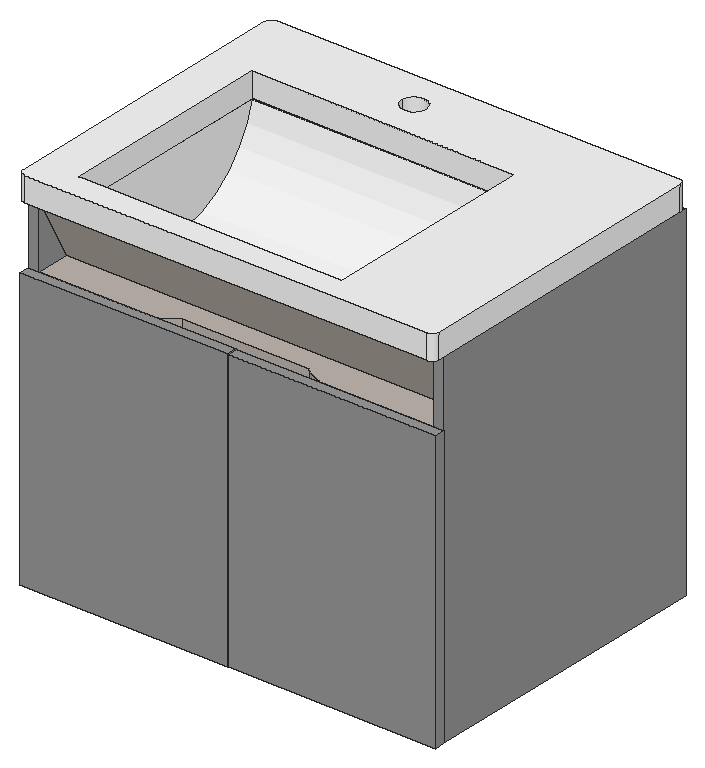
Revit family "135106851_Mueble Pontus Vital 60 cm con Lavamanos", category Furniture, Revit 2019
Family settings
  OmniClass Number = 23.31.13.11
  OmniClass Title = Single Sinks
  Work Plane-Based = No
  Always vertical = Yes
  Cut with Voids When Loaded = No
  Shared = No
  Room Calculation Point = No
Parameters
  URL = "https://corona.co/productos/muebles-para-banos/mueble-pontus-vital/p/135106851"
  Resistencia al rayado = "700 ciclos"  # constant formula
  Resistencia a la humedad = "8%."  # constant formula
  Peso Neto aprox = "24,0 lb (10,9 kg)."  # constant formula
  Peso Bruto aprox = "25,6 lb (11,6 kg)."  # constant formula
  Model = "Pontus Vital 60"  # constant formula
  Material = Corona_Madera_Coñac
  Manufacturer = "Corona"  # constant formula
  Longitud = 450 mm
  Garantía Herraje = "1 Años"  # constant formula
  Garantía = "5 Años  (Madera)"  # constant formula
  Fecha de creación = "30/07/2020"  # constant formula
  Description = "Línea de Muebles Pontus Vital diseño compacto que se adapta a la gran mayoría de\r\nespacios disponibles.\r\n· Diseño de apertura cómodo.\r\n· Máxima capacidad de almacenamiento.\r\n· Lavamanos 100% en porcelana con superficie amplia de apoyo.\r\n· Resistentes a la humedad."  # constant formula
  Creado por = "IDD"  # constant formula
  Ancho = 600 mm
  Alto = 764 mm
  Acabado = Corona_Plastico_Taupe
Reference planes
  plane 1 "Center (Front/Back)": y = 0
  plane 2: z = 0
  plane 3 "Center (Left/Right)": x = 0
  plane 4 "Center L/S": x = 300
  plane 5 "Center L/T": x = -300
  plane 6 "Center L/U": y = -450
  plane 7 "Center L/V": x = -285
  plane 8 "Center L/W": x = 285
  plane 9 "Center L/Z": y = -435
  plane 10 "Center L/BB": y = -15
  plane 11 "Center L/CC": y = -225
  plane 12: z = 764
  plane 13: z = 279
  plane 14: z = 749
  plane 15: z = 264
  plane 16: z = 524
  plane 17: z = 424
  plane 18: z = 668
  plane 19 "Center L/DD": x = 1
  plane 20 "Center L/EE": x = -1
  plane 21: z = 653
Forms (mm)
  Extrusion 1, solid, not visible
    sketch origin (0, 0, -26) x (1, 0, 0) y (0, 0, 1)
      loop
        circle (-87.767, 550) r 10
    from 0 to 1
  Extrusion 2, solid, not visible
    sketch origin (0, 0, -26) x (-1, 0, 0) y (0, 0, -1)
      loop
        circle (-198.767, -550) r 10
    from 0 to 1
  Extrusion 3, solid, not visible
    sketch origin (-87.767, 0, -126) x (-1, 0, 0) y (0, 0, -1)
      loop
        circle (-87.767, -550) r 10
    from 0 to 1
  Extrusion 4, solid, material "Corona_Madera_Coñac" <- "Material", detail levels medium+fine
    sketch origin (0, 0, 0) x (1, 0, 0) y (0, 1, 0)
      loop
        line (-300, 0) -> (-300, -435) -> (-285, -435) -> (-285, 0) -> (-300, 0)
    from 264 to 764
  Extrusion 5, solid, material "Corona_Madera_Coñac" <- "Material", detail levels medium+fine
    sketch origin (0, 0, 0) x (-1, 0, 0) y (0, -1, 0)
      loop
        line (-300, 0) -> (-285, 0) -> (-285, 435) -> (-300, 435) -> (-300, 0)
    from 264 to 764
  Extrusion 6, solid, material "Corona_Madera_Coñac" <- "Material", detail levels medium+fine
    sketch origin (0, 0, 0) x (1, 0, 0) y (0, 1, 0)
      loop
        line (-285, 0) -> (-285, -15) -> (285, -15) -> (285, 0) -> (-285, 0)
    from 264 to 764
  Extrusion 7, solid, material "Corona_Madera_Coñac" <- "Material", detail levels medium+fine
    sketch origin (0, -265, 0) x (1, 0, 0) y (0, 0, 1)
      loop
        line (-300, 264) -> (-1, 264) -> (-1, 668) -> (-300, 668) -> (-300, 264)
      loop
        line (1, 668) -> (1, 264) -> (300, 264) -> (300, 668) -> (1, 668)
    from 170 to 185
  Extrusion 8, solid, material "Corona_Madera_Coñac" <- "Material", detail levels medium+fine
    sketch origin (0, 0, 0) x (1, 0, 0) y (0, 1, 0)
      loop
        line (-285, -15) -> (-285, -435) -> (285, -435) -> (285, -15) -> (-285, -15)
    from 264 to 279
  Extrusion 9, solid, material "Corona_Plastico_Taupe" <- "Acabado", detail levels medium+fine
    sketch origin (0, 0, 0) x (1, 0, 0) y (0, 1, 0)
      loop
        line (-285, -435) -> (-123.026, -435)
        arc (-123.026, -435) -> (-105.878, -430.24) -> (-91.569, -419.657) r 48.897
        line (-91.569, -419.657) -> (91.569, -419.657)
        arc (91.569, -419.657) -> (105.878, -430.24) -> (123.026, -435) r 48.897
        line (123.026, -435) -> (285, -435) -> (285, -360) -> (-285, -360) -> (-285, -435)
    from 653 to 668
  Extrusion 10, solid, material "Corona_Plastico_Taupe" <- "Acabado", detail levels medium+fine
    sketch origin (0, 0, 0) x (0, 1, 0) y (0, 0, 1)
      loop
        line (-380.072, 668) -> (-431.116, 764) -> (-437.22, 764) -> (-386.176, 668) -> (-380.072, 668)
    from -285 to 285
  Extrusion 11, solid, material "Corona_Madera_Coñac" <- "Material", detail levels coarse
    sketch origin (0, 0, 0) x (1, 0, 0) y (0, 1, 0)
      loop
        line (-300, 0) -> (-300, -450) -> (300, -450) -> (300, 0) -> (-300, 0)
    from 264 to 764
  Extrusion 12, solid, material "Corona_Porcelana_Sanitaria_Blanco", detail levels coarse
    sketch origin (0, 0, 0) x (1, 0, 0) y (0, 1, 0)
      loop
        line (-300, 0) -> (-300, -450) -> (300, -450) -> (300, 0) -> (-300, 0)
    from 764 to 799
Dimensions and locks
  equal spacing: plane 5 "Center L/T", plane 3 "Center (Left/Right)", plane 4 "Center L/S"
  "Ancho": plane 5 "Center L/T" to plane 4 "Center L/S"
  "Longitud": plane 6 "Center L/U" to plane 1 "Center (Front/Back)"
  plane 14 to plane 13 = 470 mm
  plane 12 to plane 15 = 500 mm
  locked: plane 13 to plane 15 at 15
  locked: plane 12 to plane 14 at 15
  plane 18 to plane 15 = 404 mm
  "Alto": plane 12 to level
  aligned and locked: level to plane 2
  aligned and locked: Extrusion 4 sketch curve to plane 7 "Center L/V"
  aligned and locked: Extrusion 4 sketch curve to plane 9 "Center L/Z"
  aligned and locked: plane 5 "Center L/T" to Extrusion 4 sketch curve
  aligned and locked: plane 1 "Center (Front/Back)" to Extrusion 4 sketch curve
  aligned and locked: plane 9 "Center L/Z" to Extrusion 5
  aligned and locked: plane 4 "Center L/S" to Extrusion 5
  aligned and locked: Extrusion 5 to plane 8 "Center L/W"
  aligned and locked: Extrusion 5 to plane 1 "Center (Front/Back)"
  aligned and locked: Extrusion 6 sketch curve to plane 8 "Center L/W"
  aligned and locked: plane 1 "Center (Front/Back)" to Extrusion 6 sketch curve
  aligned and locked: Extrusion 6 sketch curve to plane 10 "Center L/BB"
  aligned and locked: plane 7 "Center L/V" to Extrusion 6 sketch curve
  aligned and locked: plane 12 to Extrusion 6
  aligned and locked: Extrusion 6 to plane 15
  aligned and locked: plane 12 to Extrusion 5
  aligned and locked: Extrusion 5 to plane 15
  aligned and locked: plane 12 to Extrusion 4
  aligned and locked: Extrusion 4 to plane 15
  aligned and locked: plane 6 "Center L/U" to Extrusion 7
  aligned and locked: Extrusion 7 to plane 9 "Center L/Z"
  aligned and locked: Extrusion 8 sketch curve to plane 8 "Center L/W"
  aligned and locked: plane 10 "Center L/BB" to Extrusion 8 sketch curve
  aligned and locked: plane 7 "Center L/V" to Extrusion 8 sketch curve
  aligned and locked: Extrusion 8 sketch curve to plane 9 "Center L/Z"
  aligned and locked: plane 13 to Extrusion 8
  aligned and locked: Extrusion 8 to plane 15
  aligned and locked: plane 8 "Center L/W" to Extrusion 9 sketch curve
  aligned and locked: Extrusion 9 sketch curve to plane 7 "Center L/V"
  aligned and locked: plane 9 "Center L/Z" to Extrusion 9 sketch curve
  aligned and locked: plane 18 to Extrusion 9
  aligned and locked: plane 8 "Center L/W" to Extrusion 10
  aligned and locked: Extrusion 10 to plane 7 "Center L/V"
  aligned and locked: nested 1 to plane 12
  aligned and locked: plane 1 "Center (Front/Back)" to nested 1
  aligned and locked: Extrusion 9 to plane 21
  aligned and locked: Extrusion 11 sketch curve to plane 6 "Center L/U"
  aligned and locked: plane 5 "Center L/T" to Extrusion 11 sketch curve
  aligned and locked: plane 1 "Center (Front/Back)" to Extrusion 11 sketch curve
  aligned and locked: Extrusion 11 sketch curve to plane 4 "Center L/S"
  aligned and locked: plane 12 to Extrusion 11
  aligned and locked: Extrusion 11 to plane 15
  aligned and locked: Extrusion 12 to nested 1
  aligned and locked: Extrusion 12 to plane 12
  aligned and locked: plane 3 "Center (Left/Right)" to nested 2
  aligned and locked: plane 1 "Center (Front/Back)" to nested 2
  aligned and locked: plane 3 "Center (Left/Right)" to nested 3
  aligned and locked: nested 3 to plane 12
  aligned and locked: nested 4 to plane 11 "Center L/CC"
  aligned and locked: nested 4 to plane 12
Automatic sketch dimensions
  Extrusion 1 sketch curve to plane 16 = 0 mm
  Extrusion 1 sketch curve to plane 20 "Center L/EE" = 86.767 mm
  Extrusion 3 sketch curve to plane 3 "Center (Left/Right)" = 0 mm
  Extrusion 3 sketch curve to plane 17 = 0 mm
  Extrusion 2 sketch curve to plane 16 = 0 mm
  plane 8 "Center L/W" to Extrusion 2 sketch curve = 86.233 mm
  Extrusion 5 sketch curve to plane 4 "Center L/S" = 0 mm
  Extrusion 5 sketch curve to plane 8 "Center L/W" = 0 mm
  plane 9 "Center L/Z" to Extrusion 5 sketch curve = 0 mm
  plane 1 "Center (Front/Back)" to Extrusion 5 sketch curve = 0 mm
  Extrusion 7 sketch curve to plane 5 "Center L/T" = 0 mm
  Extrusion 7 sketch curve to plane 18 = 0 mm  (x2)
  Extrusion 7 sketch curve to plane 20 "Center L/EE" = 0 mm
  Extrusion 7 sketch curve to plane 19 "Center L/DD" = 0 mm
  Extrusion 7 sketch curve to plane 4 "Center L/S" = 0 mm
  Extrusion 7 sketch curve to plane 15 = 0 mm  (x2)
  plane 9 "Center L/Z" to Extrusion 9 sketch curve = 0 mm
  Extrusion 9 sketch curve to plane 9 "Center L/Z" = 48.709 mm  (x2)
  Extrusion 9 sketch curve to plane 20 "Center L/EE" = 126.313 mm
  Extrusion 9 sketch curve to Extrusion 9 sketch curve = 4.286 mm
  Extrusion 9 sketch curve to plane 9 "Center L/Z" = 15.343 mm
  plane 19 "Center L/DD" to Extrusion 9 sketch curve = 90.569 mm
  Extrusion 9 sketch curve to Extrusion 9 sketch curve = 31.458 mm
  Extrusion 9 sketch curve to plane 9 "Center L/Z" = 75 mm
  Extrusion 10 sketch curve to plane 12 = 0 mm
  Extrusion 10 sketch curve to plane 18 = 0 mm
  Extrusion 10 sketch curve to plane 9 "Center L/Z" = 48.824 mm
  Extrusion 10 sketch curve to Extrusion 10 sketch curve = 6.104 mm
  Extrusion 10 sketch curve to plane 9 "Center L/Z" = 3.884 mm
  plane 9 "Center L/Z" to Extrusion 10 sketch curve = 2.22 mm
  Extrusion 12 sketch curve to plane 5 "Center L/T" = 0 mm
  Extrusion 12 sketch curve to plane 4 "Center L/S" = 0 mm
  plane 6 "Center L/U" to Extrusion 12 sketch curve = 0 mm
  plane 1 "Center (Front/Back)" to Extrusion 12 sketch curve = 0 mm
  radius of Extrusion 1 sketch curve = 10 mm
  radius of Extrusion 3 sketch curve = 10 mm
  radius of Extrusion 2 sketch curve = 10 mm
Nested families
  nested 1: "Lavamanos pontus 60" at (101, 0, 799), type "Lavamanos pontus 60", detail levels medium+fine
  nested 2: "Planta3" at (0, 0, 0), type "Planta3"
  nested 3: "Front3" at (0, 0, 764) x (1, 0, 0) z (0, -1, 0), type "Front3"
  nested 4: "Rigth3" at (0, -225, 764) x (0, 1, 0) z (1, 0, 0), type "Rigth3"
Connectors
  piping at (198.767, 0, 524), diameter 12.7
    settings: on Extrusion 2, index 5, connector inside diameter 609.6 mm, connector length 0 mm, flow factor 0, pipe flow 0.0 L/s, pressure drop 0.0 Pa, fitting loss kfactor 0, connector angle 0.00°, fixture units 0, engagement length 0 mm, angle of deflection 0.00°, flow configuration 0, flow direction 0, fitting loss method 0, system type 20, joint type 0, gender type 0, connector reference index -1, connector utility 0, adjustable connector no, is connector primary yes, connector description ""
  piping at (-87.767, 0, 524), diameter 12.7
    settings: on Extrusion 1, index 6, connector inside diameter 609.6 mm, connector length 0 mm, flow factor 0, pipe flow 0.0 L/s, pressure drop 0.0 Pa, fitting loss kfactor 0, connector angle 0.00°, fixture units 0, engagement length 0 mm, angle of deflection 0.00°, flow configuration 0, flow direction 0, fitting loss method 0, system type 19, joint type 0, gender type 0, connector reference index -1, connector utility 0, adjustable connector no, is connector primary no, connector description ""
  piping at (0, 0, 424), diameter 38.1
    settings: on Extrusion 3, index 7, connector inside diameter 609.6 mm, connector length 0 mm, flow factor 0, pipe flow 0.0 L/s, pressure drop 0.0 Pa, fitting loss kfactor 0, connector angle 0.00°, fixture units 0, engagement length 0 mm, angle of deflection 0.00°, flow configuration 0, flow direction 0, fitting loss method 0, system type 16, joint type 0, gender type 0, connector reference index -1, connector utility 0, adjustable connector no, is connector primary no, connector description ""
Definition of nested family "Lavamanos pontus 60"
  Parameters (values of type "Lavamanos pontus 60")
    Material = none
    Longitud = 454 mm
    Ancho = 600 mm
  Reference planes
    plane 1 "Center (Front/Back)": y = 0
    plane 2: z = 0
    plane 3 "Center (Left/Right)": x = 0
    plane 4 "Center L/T": x = -401
    plane 5 "Center L/U": y = -454
    plane 6: z = -35
    plane 7: z = -165
    plane 8 "Center L/V": x = -341
    plane 9 "Center L/W": x = 39
    plane 10 "Center L/X": y = -419
    plane 11 "Center L/Y": y = -107
    plane 12 "Center L/S": x = 199
  Forms (mm)
    Extrusion 1, solid, material <- "Material"
      sketch origin (0, 0, 0) x (1, 0, 0) y (0, 1, 0)
        loop
          arc (-391, 0) -> (-398.071, -2.929) -> (-401, -10) r 10
          line (-401, -10) -> (-401, -444)
          arc (-401, -444) -> (-398.071, -451.071) -> (-391, -454) r 10
          line (-391, -454) -> (189, -454)
          arc (189, -454) -> (196.071, -451.071) -> (199, -444) r 10
          line (199, -444) -> (199, -10)
          arc (199, -10) -> (196.071, -2.929) -> (189, 0) r 10
          line (189, 0) -> (-391, 0)
        loop
          line (-341, -107) -> (-341, -419) -> (39, -419) -> (39, -107) -> (-341, -107)
      from 0 to -35
    Extrusion 2, solid, material <- "Material"
      sketch origin (0, 0, 0) x (1, 0, 0) y (0, 1, 0)
        loop
          line (54, -429) -> (54, -97) -> (-356, -97) -> (-356, -429) -> (54, -429)
      from -35 to -165
    Extrusion 3, void
      sketch origin (0, 0, 0) x (0, 1, 0) y (0, 0, 1)
        loop
          arc (-301.939, -157.11) -> (-380.852, -113.866) -> (-424.183, -35) r 160.826
          line (-424.183, -35) -> (-434.439, -35) -> (-434.439, -180) -> (-301.939, -180) -> (-301.939, -157.11)
        loop
          line (-224.061, -165) -> (-224.061, -180) -> (-91.561, -180) -> (-91.561, -35) -> (-101.85, -35)
          arc (-101.85, -35) -> (-144.89, -114.365) -> (-223.911, -158.034) r 160.826
          line (-223.911, -158.034) -> (-223.911, -165)
      from -401 to 81.952
    Extrusion 4, void
      sketch origin (0, 0, 0) x (0, 1, 0) y (0, 0, 1)
        loop
          line (-300.38, -153.903) -> (-225.62, -153.903) -> (-225.62, -149.131)
          arc (-225.62, -149.131) -> (-148.771, -110.385) -> (-107.249, -35) r 145.528
          line (-107.249, -35) -> (-418.082, -35)
          arc (-418.082, -35) -> (-376.804, -110.15) -> (-300.38, -149.016) r 145.528
          line (-300.38, -149.016) -> (-300.38, -153.903)
      from -341 to 39
    Extrusion 5, void
      sketch origin (0, 0, 0) x (1, 0, 0) y (0, 1, 0)
        loop
          circle (-150.039, -263.353) r 38.1
      from -185.771 to -135.263
    Extrusion 6, void
      sketch origin (0, 210, 0) x (1, 0, 0) y (0, 1, 0)
        loop
          circle (-150.039, -263.353) r 17.5
      from -52.513 to 13.257
  Cuts and joins
    Extrusion 3, Extrusion 4, Extrusion 6 cuts Extrusion 1
    Extrusion 3, Extrusion 4, Extrusion 5, Extrusion 6 cuts Extrusion 2
  Dimensions and locks
    plane 4 "Center L/T" to plane 12 "Center L/S" = 600 mm
    "Longitud": plane 5 "Center L/U" to plane 1 "Center (Front/Back)"
    plane 2 to plane 7 = 165 mm
    level to plane 6 = 35 mm
    plane 8 "Center L/V" to plane 9 "Center L/W" = 380 mm
    locked: plane 4 "Center L/T" to plane 8 "Center L/V" at 60
    plane 10 "Center L/X" to plane 11 "Center L/Y" = 312 mm
    locked: plane 5 "Center L/U" to plane 10 "Center L/X" at 35
    aligned and locked: level to plane 2
    aligned and locked: Extrusion 1 sketch curve to plane 5 "Center L/U"
    aligned and locked: plane 4 "Center L/T" to Extrusion 1 sketch curve
    aligned and locked: plane 1 "Center (Front/Back)" to Extrusion 1 sketch curve
    aligned and locked: Extrusion 1 sketch curve to plane 9 "Center L/W"
    aligned and locked: plane 11 "Center L/Y" to Extrusion 1 sketch curve
    aligned and locked: plane 8 "Center L/V" to Extrusion 1 sketch curve
    aligned and locked: Extrusion 1 sketch curve to plane 10 "Center L/X"
    aligned and locked: Extrusion 2 to plane 7
    aligned and locked: Extrusion 1 sketch curve to plane 12 "Center L/S"
  Automatic sketch dimensions
    plane 4 "Center L/T" to Extrusion 1 sketch curve = 10 mm  (x2)
    Extrusion 1 sketch curve to plane 12 "Center L/S" = 10 mm  (x2)
    Extrusion 2 sketch curve to plane 8 "Center L/V" = 15 mm
    plane 9 "Center L/W" to Extrusion 2 sketch curve = 15 mm
    plane 10 "Center L/X" to Extrusion 2 sketch curve = 10 mm
    Extrusion 2 sketch curve to plane 11 "Center L/Y" = 10 mm
    Extrusion 3 sketch curve to plane 6 = 0 mm  (x2)
    Extrusion 3 sketch curve to plane 7 = 0 mm  (x2)
    plane 10 "Center L/X" to Extrusion 3 sketch curve = 15.439 mm
    plane 10 "Center L/X" to Extrusion 3 sketch curve = 5.183 mm
    Extrusion 3 sketch curve to plane 7 = 15 mm  (x2)
    Extrusion 3 sketch curve to plane 10 "Center L/X" = 117.061 mm
    Extrusion 3 sketch curve to level = 0.082 mm
    Extrusion 3 sketch curve to plane 10 "Center L/X" = 151.806 mm
    Extrusion 3 sketch curve to level = 1.096 mm
    Extrusion 3 sketch curve to Extrusion 3 sketch curve = 8.132 mm
    Extrusion 3 sketch curve to Extrusion 3 sketch curve = 77.878 mm
    Extrusion 3 sketch curve to Extrusion 3 sketch curve = 0.15 mm
    Extrusion 3 sketch curve to plane 11 "Center L/Y" = 5.15 mm
    Extrusion 3 sketch curve to plane 11 "Center L/Y" = 15.439 mm
    Extrusion 4 sketch curve to plane 6 = 0 mm
    Extrusion 4 sketch curve to plane 10 "Center L/X" = 0.918 mm
    plane 7 to Extrusion 4 sketch curve = 11.097 mm
    Extrusion 4 sketch curve to plane 10 "Center L/X" = 118.62 mm
    Extrusion 4 sketch curve to level = 5.622 mm  (x2)
    Extrusion 4 sketch curve to plane 10 "Center L/X" = 143.45 mm
    Extrusion 4 sketch curve to Extrusion 4 sketch curve = 25.769 mm
    plane 7 to Extrusion 4 sketch curve = 15.869 mm
    Extrusion 4 sketch curve to Extrusion 4 sketch curve = 74.76 mm
    Extrusion 5 sketch curve to plane 3 "Center (Left/Right)" = 150.039 mm
    Extrusion 5 sketch curve to plane 10 "Center L/X" = 155.647 mm
    plane 1 "Center (Front/Back)" to Extrusion 6 sketch curve = 53.353 mm
    Extrusion 6 sketch curve to plane 3 "Center (Left/Right)" = 150.039 mm
    radius of Extrusion 5 sketch curve = 38.1 mm
    radius of Extrusion 6 sketch curve = 17.5 mm
  Nested families
    nested 1: "Canastilla" at (-150.015, -263.802, -179.217), type "Canastilla"
  Definition of nested family "Canastilla"
    Parameters (values of type "Canastilla")
      Material = none
    Reference planes
      plane 1 "Center (Front/Back)": y = 0
      plane 2: z = 0
      plane 3 "Center (Left/Right)": x = 0
    Forms (mm)
      Revolve 1, solid, material <- "Material"
        sketch origin (0, 0, 0) x (1, 0, 0) y (0, 0, 1)
          loop
            line (-26.595, 26.918) -> (-38.5, 26.918) -> (-38.5, 25.314) -> (-36.628, 25.314) -> (-36.628, 24.512) -> (-33.153, 24.512) -> (-33.153, 21.838) -> (-30.977, 15.519) -> (-28.87, 15.147) -> (-28.87, 11.939) -> (-27.713, 11.27) -> (-27.713, 9.934) -> (-26.865, 9.934) -> (-26.865, 7.388) -> (-17.652, 3.286) -> (-16.315, 3.286) -> (-15.184, 0) -> (0, 0) -> (0, 21.204) -> (-5.81, 21.204)
            arc (-5.81, 21.204) -> (-6.163, 21.058) -> (-6.31, 20.704) r 0.5
            line (-6.31, 20.704) -> (-6.31, 19.645)
            arc (-6.31, 19.645) -> (-6.163, 19.292) -> (-5.81, 19.145) r 0.5
            line (-5.81, 19.145) -> (-3.119, 19.145) -> (-3.119, 18.241) -> (-4.218, 18.241) -> (-4.821, 14.686) -> (-19.481, 14.686)
            arc (-19.481, 14.686) -> (-20.699, 15.099) -> (-21.413, 16.168) r 2
            line (-21.413, 16.168) -> (-23.698, 24.695)
            arc (-23.698, 24.695) -> (-24.769, 26.298) -> (-26.595, 26.918) r 3
          axis (0, 26.918) -> (0, 0)
        angle from 0 to 360
    Dimensions and locks
      aligned and locked: level to plane 2
      aligned and locked: Revolve 1 sketch curve to plane 3 "Center (Left/Right)"
      aligned and locked: Revolve 1 sketch curve to plane 2
Definition of nested family "Planta3"
  Parameters
    Longitud = 450 mm
    Ancho = 600 mm
  Reference planes
    plane 1 "Center (Front/Back)": y = 0
    plane 2: z = 0
    plane 3 "Center (Left/Right)": x = 0
    plane 4 "Center (F/C": x = 300
    plane 5 "Center (F/D": x = -300
    plane 6 "Center (F/E": y = -450
  Lines and regions (mm)
    detail lines, in view "Ref. Level"
      curve 1: line (-290, 0, 0) -> (290, 0, 0)
      curve 2: line (-300, -440, 0) -> (-300, -10, 0)
      curve 3: line (290, -450, 0) -> (-290, -450, 0)
      curve 4: line (300, -10, 0) -> (300, -440, 0)
      curve 5: arc (-300, -10, 0) -> (-297.071, -2.929, 0) -> (-290, 0, 0) r 10
      curve 6: arc (290, 0, 0) -> (297.071, -2.929, 0) -> (300, -10, 0) r 10
      curve 7: arc (300, -440, 0) -> (297.071, -447.071, 0) -> (290, -450, 0) r 10
      curve 8: arc (-290, -450, 0) -> (-297.071, -447.071, 0) -> (-300, -440, 0) r 10
      curve 9: line (-255, -101.85, 0) -> (-255, -424.183, 0)
      curve 10: line (155, -101.85, 0) -> (-255, -101.85, 0)
      curve 11: line (155, -424.183, 0) -> (155, -101.85, 0)
      curve 12: line (-255, -424.183, 0) -> (155, -424.183, 0)
      curve 13: line (-230, -101.85, 0) -> (-230, -131.85, 0)
      curve 14: line (-230, -424.183, 0) -> (-230, -394.183, 0)
      curve 15: arc (-230, -131.85, 0) -> (-217.642, -263.017, 0) -> (-230, -394.183, 0) r 702.248
      curve 16: line (130, -101.85, 0) -> (130, -131.85, 0)
      curve 17: line (130, -424.183, 0) -> (130, -394.183, 0)
      curve 18: arc (130, -131.85, 0) -> (117.642, -263.017, 0) -> (130, -394.183, 0) r 702.248
      curve 19: circle (-50, -263.017, 0) r 21.75 normal (0, 0, 1)
      curve 20: circle (-50, -48.017, 0) r 17.5 normal (0, 0, 1)
  Dimensions and locks
    plane 5 "Center (F/D" to plane 3 "Center (Left/Right)" to plane 4 "Center (F/C" = 300 mm, 300 mm
    "Ancho": plane 5 "Center (F/D" to plane 4 "Center (F/C"
    "Longitud": plane 6 "Center (F/E" to plane 1 "Center (Front/Back)"
    aligned and locked: curve 4 to plane 4 "Center (F/C"
    aligned and locked: curve 3 to plane 6 "Center (F/E"
    aligned and locked: plane 5 "Center (F/D" to curve 2
    aligned and locked: plane 1 "Center (Front/Back)" to curve 1
  Automatic sketch dimensions
    plane 5 "Center (F/D" to curve 9 = 45 mm
    curve 9 to plane 6 "Center (F/E" = 25.817 mm
    plane 1 "Center (Front/Back)" to curve 10 = 101.85 mm
    curve 12 to plane 4 "Center (F/C" = 145 mm
    curve 15 to plane 6 "Center (F/E" = 186.983 mm
    curve 15 to plane 5 "Center (F/D" = 619.89 mm
    plane 5 "Center (F/D" to curve 3 = 10 mm
    plane 1 "Center (Front/Back)" to curve 5 = 10 mm
    plane 5 "Center (F/D" to curve 13 = 70 mm
    curve 14 to plane 6 "Center (F/E" = 55.817 mm
    curve 8 to curve 14 = 60 mm
    curve 20 to plane 3 "Center (Left/Right)" = 50 mm
    curve 19 to plane 3 "Center (Left/Right)" = 50 mm
    plane 3 "Center (Left/Right)" to curve 16 = 130 mm
    curve 17 to plane 6 "Center (F/E" = 55.817 mm
    plane 3 "Center (Left/Right)" to curve 17 = 130 mm
    curve 3 to plane 4 "Center (F/C" = 10 mm
    curve 1 to plane 4 "Center (F/C" = 10 mm
    curve 18 to plane 6 "Center (F/E" = 186.983 mm
    plane 4 "Center (F/C" to curve 18 = 519.89 mm
    curve 19 to plane 6 "Center (F/E" = 186.983 mm
    plane 1 "Center (Front/Back)" to curve 20 = 48.017 mm
    curve 14 to plane 6 "Center (F/E" = 25.817 mm
    curve 17 to plane 6 "Center (F/E" = 25.817 mm
    curve 18 to curve 16 = 30 mm
    curve 15 to curve 13 = 30 mm
    radius of curve 19 = 21.75 mm
    radius of curve 20 = 17.5 mm
Definition of nested family "Front3"
  Parameters (values of type "Front3")
    Longitud = 500 mm
    Ancho = 600 mm
  Reference planes
    plane 1 "Center (Front/Back)": y = 0
    plane 2: z = 0
    plane 3 "Center (Left/Right)": x = 0
    plane 4 "Center (F/C": x = 300
    plane 5 "Center (F/D": x = -300
    plane 6 "Center (F/E": y = -500
    plane 7 "Center (F/F": x = -1
    plane 8 "Center (F/G": x = 1
    plane 9 "Center (F/H": y = -96
  Lines and regions (mm)
    detail lines, in view "Ref. Level"
      curve 1: line (-300, 0, 0) -> (300, 0, 0)
      curve 2: line (-300, -500, 0) -> (-300, 0, 0)
      curve 3: line (300, -500, 0) -> (-300, -500, 0)
      curve 4: line (300, 0, 0) -> (300, -500, 0)
      curve 5: line (-1, -96, 0) -> (-1, -500, 0)
      curve 6: line (1, -96, 0) -> (1, -500, 0)
      curve 7: line (-300, -96, 0) -> (300, -96, 0)
      curve 8: line (-285, 0, 0) -> (-285, -96, 0)
      curve 9: line (285, 0, 0) -> (285, -96, 0)
  Dimensions and locks
    plane 5 "Center (F/D" to plane 3 "Center (Left/Right)" to plane 4 "Center (F/C" = 300 mm, 300 mm
    "Ancho": plane 5 "Center (F/D" to plane 4 "Center (F/C"
    "Longitud": plane 6 "Center (F/E" to plane 1 "Center (Front/Back)"
    aligned and locked: curve 4 to plane 4 "Center (F/C"
    aligned and locked: curve 3 to plane 6 "Center (F/E"
    aligned and locked: plane 5 "Center (F/D" to curve 2
    aligned and locked: plane 1 "Center (Front/Back)" to curve 1
  Automatic sketch dimensions
    plane 9 "Center (F/H" to curve 8 = 0 mm
    curve 5 to plane 7 "Center (F/F" = 0 mm
    curve 6 to plane 8 "Center (F/G" = 0 mm
    plane 5 "Center (F/D" to curve 8 = 15 mm
    curve 9 to plane 4 "Center (F/C" = 15 mm
Definition of nested family "Rigth3"
  Parameters (values of type "Rigth3")
    Longitud = 500 mm
    Ancho = 450 mm
  Reference planes
    plane 1 "Center (Front/Back)": y = 0
    plane 2: z = 0
    plane 3 "Center (Left/Right)": x = 0
    plane 4 "Center (F/C": x = 225
    plane 5 "Center (F/D": x = -225
    plane 6 "Center (F/E": y = -500
    plane 7 "Center (F/I": y = 35
  Lines and regions (mm)
    detail lines, in view "Ref. Level"
      curve 1: line (-225, 0, 0) -> (225, 0, 0)
      curve 2: line (-225, -500, 0) -> (-225, -96, 0)
      curve 3: line (225, -500, 0) -> (-225, -500, 0)
      curve 4: line (225, 0, 0) -> (225, -500, 0)
      curve 5: line (-225, -96, 0) -> (-210, -96, 0)
      curve 6: line (-210, -96, 0) -> (-210, -500, 0)
      curve 7: line (-210, -96, 0) -> (-210, 0, 0)
      curve 8: line (-225, 0, 0) -> (-225, 35, 0)
      curve 9: line (-225, 35, 0) -> (225, 35, 0)
      curve 10: line (225, 35, 0) -> (225, 0, 0)
  Dimensions and locks
    equal spacing: plane 5 "Center (F/D", plane 3 "Center (Left/Right)", plane 4 "Center (F/C"
    "Ancho": plane 5 "Center (F/D" to plane 4 "Center (F/C"
    "Longitud": plane 6 "Center (F/E" to plane 1 "Center (Front/Back)"
    aligned and locked: curve 4 to plane 4 "Center (F/C"
    aligned and locked: curve 3 to plane 6 "Center (F/E"
    aligned and locked: plane 5 "Center (F/D" to curve 2
    aligned and locked: plane 1 "Center (Front/Back)" to curve 1
  Automatic sketch dimensions
    curve 8 to plane 5 "Center (F/D" = 0 mm
    plane 7 "Center (F/I" to curve 10 = 0 mm
    curve 5 to curve 7 = 0 mm
    plane 1 "Center (Front/Back)" to curve 2 = 96 mm
    curve 8 to curve 7 = 15 mm
